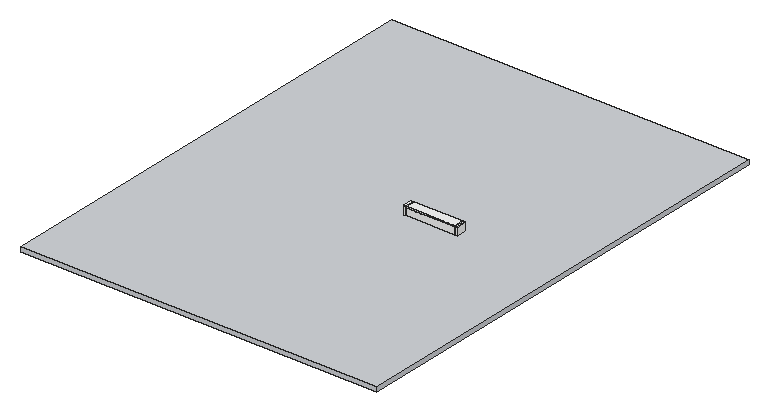
Revit family "Thorn VOYAGER ONE", category Lighting Fixtures, host Face, Revit 2016
Family settings
  Host = Face
  Part Type = Normal
  Round Connector Dimension = Use Diameter
  OmniClass Number = 23.80.70.11
  OmniClass Title = Luminaries for Internal Lighting
  Cut with Voids When Loaded = No
  Light Source = Yes
  Shared = No
  Room Calculation Point = No
Parameters (values of type "MS ANT E3 WH IP65")
  Width = 54 mm  # constant formula
  Wattage Comments = ""
  Wattage = 1.59551 W
  built-in parameter 1150110 = 1 (stored number, unit not read)
  Voltage = 230 V
  URL = "www.thornlighting.com/96631596"
  Type Comments = "© Thorn. We reserve the right to make technical changes without prior notice."  # constant formula
  built-in parameter 1114217 = 1 (stored number, unit not read)
  Tilt Angle = -90.00°
  built-in parameter 1150109 = 1 (stored number, unit not read)
  built-in parameter 1150134 = 1
  built-in parameter 1150113 = 1 (stored number, unit not read)
  Photometric Web File = "96631596_(STD).IES"
  Model = "96631596"
  Manufacturer = "Thorn Lighting"  # constant formula
  built-in parameter 1150105 = 18.86 (stored number, unit not read)
  Lumens = 237 lm
  built-in parameter 1150115 = 1 (stored number, unit not read)
  built-in parameter 1150137 = (empty or 0)
  built-in parameter 1150139 = (empty or 0)
  Length = 336 mm  # constant formula
  built-in parameter 1150112 = 1 (stored number, unit not read)
  built-in parameter 1150114 = 1 (stored number, unit not read)
  Lamp = "LED"
  built-in parameter 1150132 = 2
  built-in parameter 1150102 = (empty or 0)
  built-in parameter 1150107 = 6500 (stored number, unit not read)
  built-in parameter 1150138 = (empty or 0)
  built-in parameter 1150106 = 0.1886 (stored number, unit not read)
  Height = 59 mm  # constant formula
  Emit from Rectangle Width = 303 mm  # constant formula
  Emit from Rectangle Length = 58.5 mm  # constant formula
  Emit Shape Visible in Rendering = no
  built-in parameter 1150104 = 13.8 (stored number, unit not read)
  Dimming Lamp Color Temperature Shift = <None>
  Description = "LED emergency lighting luminaire"  # constant formula
  Default Elevation = 0 mm
  Cover = ZG_PMMA
  Color Filter = 16777215
  Body = ZG_Metal_White
  built-in parameter 1114218 = 1 (stored number, unit not read)
  built-in parameter 1150133 = 10 (stored number, unit not read)
  Assembly Code = "D5020200"
  Apparent Load = 4 VA
Reference planes
  plane 1 "Center (Front/Back)": y = 0
  plane 2 "Top": z = 0
  plane 3 "Center (Left/Right)": x = 399.5
  plane 4 "Left": x = 231.5
  plane 5 "Right": x = 567.5
  plane 6: z = 53
  plane 7: x = 248
  plane 8: x = 551
  plane 9: z = 3
  plane 10: x = 232.242
  plane 11: z = 45.5
Forms (mm)
  Extrusion 1, solid
    sketch origin (0, 0, 0) x (1, 0, 0) y (0, 1, 0)
      loop
        line (-1010.5, 1431.145) -> (-1010.5, -1431.145) -> (1192.177, -1431.145) -> (1192.177, 1431.145) -> (-1010.5, 1431.145)
    from 0 to -25
  Blend 2, solid, material "ZG_Metal_White" <- "Body"
    base sketch origin (0, 129.497, 0) x (1, 0, 0) y (0, 1, 0)
      loop
        line (231.5, -100.536) -> (231.5, -158.459) -> (248, -158.747) -> (248, -100.248) -> (231.5, -100.536)
    top sketch origin (0, 129.497, 0) x (1, 0, 0) y (0, 1, 0)
      loop
        line (232.242, -101.255) -> (232.242, -157.74) -> (248, -158.015) -> (248, -100.98) -> (232.242, -101.255)
    from 45.5 to 3
  Blend 3, solid, material "ZG_Metal_White" <- "Body"
    base sketch origin (799, 129.497, 0) x (-1, 0, 0) y (0, -1, 0)
      loop
        line (231.5, 100.536) -> (248, 100.248) -> (248, 158.747) -> (231.5, 158.459) -> (231.5, 100.536)
    top sketch origin (799, 129.497, 0) x (-1, 0, 0) y (0, -1, 0)
      loop
        line (232.242, 101.255) -> (248, 100.98) -> (248, 158.015) -> (232.242, 157.74) -> (232.242, 101.255)
    from 45.5 to 3
  Blend 4, solid, material "ZG_Metal_White" <- "Body"
    base sketch origin (25, 129.497, 0) x (1, 0, 0) y (0, 1, 0)
      loop
        line (223, -100.248) -> (223, -158.747) -> (526, -158.747) -> (526, -100.248) -> (223, -100.248)
    top sketch origin (25, 129.497, 0) x (1, 0, 0) y (0, 1, 0)
      loop
        line (223, -100.98) -> (223, -158.015) -> (526, -158.015) -> (526, -100.98) -> (223, -100.98)
    from 45.5 to 3
  Extrusion 5, solid, material "ZG_Metal_White" <- "Body"
    sketch origin (0, 129.497, 0) x (1, 0, 0) y (0, 1, 0)
      loop
        line (231.5, -100.536) -> (231.5, -158.459) -> (248, -158.747) -> (248, -100.248) -> (231.5, -100.536)
      loop
        line (567.5, -100.536) -> (551, -100.248) -> (551, -158.747) -> (567.5, -158.459) -> (567.5, -100.536)
    from 45.5 to 53
  Extrusion 6, solid, material "ZG_PMMA" <- "Cover"
    sketch origin (80, 129.497, 0) x (1, 0, 0) y (0, 1, 0)
      loop
        line (471, -100.248) -> (168, -100.248) -> (168, -158.747) -> (471, -158.747) -> (471, -100.248)
    from 45.5 to 53
  Extrusion 7, solid, material "ZG_Metal_White" <- "Body", detail levels fine
    sketch origin (0, 0, 0) x (1, 0, 0) y (0, 1, 0)
      loop
        line (242.074, 12.426) -> (242.074, 5.676)
        arc (242.074, 5.676) -> (239.452, 3.969) -> (238.723, 0.926) r 4.225
        line (238.723, 0.926) -> (236.771, 0.926) -> (236.771, -0.926) -> (238.723, -0.926)
        arc (238.723, -0.926) -> (239.452, -3.969) -> (242.074, -5.676) r 4.225
        line (242.074, -5.676) -> (242.074, -12.426) -> (243.926, -12.426) -> (243.926, -5.676)
        arc (243.926, -5.676) -> (246.548, -3.969) -> (247.277, -0.926) r 4.225
        line (247.277, -0.926) -> (249.229, -0.926) -> (249.229, 0.926) -> (247.277, 0.926)
        arc (247.277, 0.926) -> (246.548, 3.969) -> (243.926, 5.676) r 4.225
        line (243.926, 5.676) -> (243.926, 12.426) -> (242.074, 12.426)
      loop
        line (556.926, 12.426) -> (555.074, 12.426) -> (555.074, 5.676)
        arc (555.074, 5.676) -> (552.452, 3.969) -> (551.723, 0.926) r 4.225
        line (551.723, 0.926) -> (549.771, 0.926) -> (549.771, -0.926) -> (551.723, -0.926)
        arc (551.723, -0.926) -> (552.452, -3.969) -> (555.074, -5.676) r 4.225
        line (555.074, -5.676) -> (555.074, -12.426) -> (556.926, -12.426) -> (556.926, -5.676)
        arc (556.926, -5.676) -> (559.548, -3.969) -> (560.277, -0.926) r 4.225
        line (560.277, -0.926) -> (562.229, -0.926) -> (562.229, 0.926) -> (560.277, 0.926)
        arc (560.277, 0.926) -> (559.548, 3.969) -> (556.926, 5.676) r 4.225
        line (556.926, 5.676) -> (556.926, 12.426)
    from 0 to 3
Dimensions and locks
  "Length": plane 4 "Left" to plane 5 "Right"
  equal spacing: plane 4 "Left", plane 3 "Center (Left/Right)", plane 5 "Right"
  aligned and locked: plane 2 "Top" to Extrusion 1
  aligned and locked: Blend 2 to plane 11
  aligned and locked: plane 9 to Blend 2
  aligned and locked: Blend 3 to plane 11
  aligned and locked: plane 9 to Blend 3
  aligned and locked: plane 11 to Extrusion 5
  aligned and locked: plane 6 to imposter light
  aligned and locked: Extrusion 7 to plane 9
  aligned and locked: Extrusion 7 to plane 2 "Top"
Automatic sketch dimensions
  Extrusion 1 sketch curve to Extrusion 1 sketch curve = 2202.677 mm
  Extrusion 1 sketch curve to Extrusion 1 sketch curve = 2862.29 mm
  Blend 2 sketch curve to plane 4 "Left" = 0 mm
  Blend 2 sketch curve to plane 7 = 0 mm  (x2)
  Blend 2 sketch curve to Blend 2 sketch curve = 0.288 mm  (x2)
  Blend 2 sketch curve to Blend 2 sketch curve = 57.923 mm
  Blend 2 sketch curve to plane 10 = 0 mm
  Blend 2 sketch curve to Blend 2 sketch curve = 0.275 mm  (x2)
  Blend 2 sketch curve to Blend 2 sketch curve = 56.485 mm
  Blend 3 sketch curve to plane 5 "Right" = 0 mm
  Blend 3 sketch curve to plane 8 = 0 mm  (x2)
  Blend 3 sketch curve to Blend 3 sketch curve = 0.288 mm  (x2)
  Blend 3 sketch curve to Blend 3 sketch curve = 57.923 mm
  Blend 3 sketch curve to plane 5 "Right" = 0.742 mm
  Blend 3 sketch curve to Blend 3 sketch curve = 0.275 mm  (x2)
  Blend 3 sketch curve to Blend 3 sketch curve = 56.485 mm
  Blend 4 sketch curve to plane 7 = 0 mm  (x2)
  Blend 4 sketch curve to plane 8 = 0 mm  (x2)
  Blend 4 sketch curve to Blend 4 sketch curve = 58.499 mm
  Blend 4 sketch curve to Blend 4 sketch curve = 57.035 mm
  Extrusion 5 sketch curve to plane 4 "Left" = 0 mm
  Extrusion 5 sketch curve to plane 7 = 0 mm
  Extrusion 5 sketch curve to plane 8 = 0 mm
  Extrusion 5 sketch curve to plane 5 "Right" = 0 mm
  Extrusion 5 sketch curve to Extrusion 5 sketch curve = 0.288 mm  (x4)
  Extrusion 5 sketch curve to Extrusion 5 sketch curve = 57.923 mm  (x2)
  Extrusion 6 sketch curve to plane 8 = 0 mm
  Extrusion 6 sketch curve to plane 7 = 0 mm
  Extrusion 6 sketch curve to Extrusion 6 sketch curve = 58.499 mm
  plane 1 "Center (Front/Back)" to Blend 2 sketch curve = 29.25 mm
  plane 1 "Center (Front/Back)" to Blend 2 sketch curve = 28.518 mm
  Blend 3 sketch curve to plane 1 "Center (Front/Back)" = 29.25 mm
  Blend 3 sketch curve to plane 1 "Center (Front/Back)" = 28.518 mm
  plane 1 "Center (Front/Back)" to Blend 4 sketch curve = 29.25 mm
  plane 1 "Center (Front/Back)" to Blend 4 sketch curve = 28.518 mm
  plane 1 "Center (Front/Back)" to Extrusion 5 sketch curve = 29.25 mm  (x2)
  plane 1 "Center (Front/Back)" to Extrusion 6 sketch curve = 29.25 mm
  Extrusion 7 sketch curve to plane 1 "Center (Front/Back)" = 0.926 mm  (x4)
  plane 10 to Extrusion 7 sketch curve = 4.53 mm
  plane 1 "Center (Front/Back)" to Extrusion 7 sketch curve = 0.926 mm  (x2)
  Extrusion 7 sketch curve to Extrusion 7 sketch curve = 1.952 mm  (x2)
  Extrusion 7 sketch curve to Extrusion 7 sketch curve = 0 mm  (x9)
  Extrusion 7 sketch curve to plane 7 = 5.926 mm  (x2)
  plane 1 "Center (Front/Back)" to Extrusion 7 sketch curve = 1.533 mm  (x2)
  Extrusion 7 sketch curve to Extrusion 7 sketch curve = 4.182 mm  (x2)
  Extrusion 7 sketch curve to plane 1 "Center (Front/Back)" = 1.533 mm  (x2)
  Extrusion 7 sketch curve to Extrusion 7 sketch curve = 0.191 mm  (x4)
  Extrusion 7 sketch curve to Extrusion 7 sketch curve = 1.852 mm  (x4)
  Extrusion 7 sketch curve to plane 7 = 0.723 mm  (x2)
  plane 7 to Extrusion 7 sketch curve = 1.229 mm
  plane 8 to Extrusion 7 sketch curve = 1.229 mm
  Extrusion 7 sketch curve to plane 8 = 0.723 mm  (x2)
  Extrusion 7 sketch curve to plane 8 = 4.074 mm  (x2)
  Extrusion 7 sketch curve to Extrusion 7 sketch curve = 0.831 mm
  Extrusion 7 sketch curve to Extrusion 7 sketch curve = 4.143 mm
  Extrusion 7 sketch curve to Extrusion 7 sketch curve = 6.751 mm  (x4)
Connectors
  electrical at (399.5, 0, 3), driven by "Voltage", driven by "Apparent Load"
    settings: on Blend 4, index 1, voltage 230 V, apparent load 4 VA, apparent load phase1 0 VA, apparent load phase2 0 VA, apparent load phase3 0 VA, power factor 1, load classification "Lighting", number of poles 1, system type 30, power factor state 1, is connector primary yes, connector utility no, sub classification motor no, connector description "Power"
